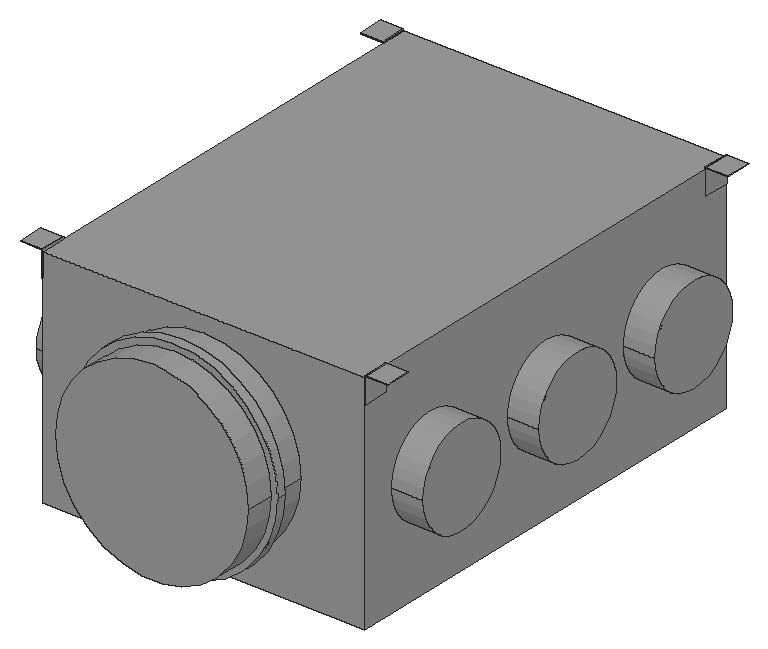
Revit family "FASU(F8-150 300Φ)", category ダクト付属品, Revit 2022
Family settings
  丸型コネクタ寸法 = 直径を使用
  パーツ タイプ = ダンパー
  OmniClass 番号 = 23.75.00.00
  OmniClass タイトル = Climate Control (HVAC)
  作業面ベース = いいえ
  常に垂直 = はい
  ロード時にボイドで切り取り = いいえ
  共有 = いいえ
Parameters
  高さ = 350 mm
  風量 = 0.0 L/s
  符号 = "FASU"
  形式 = "F8-150 300φ"
  幅 [instance] = 500 mm
  奥行き = 700 mm
  大きさ = 250 mm
  呼称 = "FASUチャンバー"
  付属品_下端レベル [instance] = 0 mm
  マテリアル [instance] = 既定値
  ダクト_イン = 300 mm
  ダクト_アウト = 150 mm
  既定の高さ = 0 mm
Reference planes
  plane 1 "中心(正面/背面)": y = 0
  plane 2: z = 0
  plane 3 "中心(左/右)": x = 0
  plane 4: x = -250
  plane 5: x = 250
  plane 6: y = -700
  plane 7: z = 350
  plane 8: z = 175
  plane 9: z = 266.963
  plane 10: z = 86.159
  plane 11: x = -251
  plane 12: z = 313.122
  plane 13: z = 352.122
  plane 14: y = -350
Forms (mm)
  Extrusion 1, solid, material "既定値" <- "マテリアル"
    sketch origin (0, 0, 0) x (1, 0, 0) y (0, 1, 0)
      loop
        line (-250, 0) -> (-250, -700) -> (250, -700) -> (250, 0) -> (-250, 0)
    from 0 to 350
  Extrusion 2, solid, material "既定値" <- "マテリアル"
    sketch origin (0, -30, 0) x (1, 0, 0) y (0, 1, 0)
      loop
        line (-250, 30) -> (-251, 30) -> (-251, -10) -> (-250, -10) -> (-250, 30)
    from 313.122 to 350
  Extrusion 3, solid, material "既定値" <- "マテリアル"
    sketch origin (0, -30, 0) x (1, 0, 0) y (0, 1, 0)
      loop
        line (-285, 30) -> (-285, -10) -> (-251, -10) -> (-251, 30) -> (-285, 30)
    from 352.122 to 350
  Extrusion 4, solid, material "既定値" <- "マテリアル"
    sketch origin (0, -30, 0) x (-1, 0, 0) y (0, -1, 0)
      loop
        line (-250, -30) -> (-250, 10) -> (-251, 10) -> (-251, -30) -> (-250, -30)
    from 313.122 to 353.122
  Extrusion 5, solid, material "既定値" <- "マテリアル"
    sketch origin (0, -30, 0) x (-1, 0, 0) y (0, -1, 0)
      loop
        line (-285, -30) -> (-251, -30) -> (-251, 10) -> (-285, 10) -> (-285, -30)
    from 352.122 to 353.122
  Extrusion 6, solid, material "既定値" <- "マテリアル"
    sketch origin (0, -490, 0) x (1, 0, 0) y (0, 1, 0)
      loop
        line (-285, -170) -> (-285, -210) -> (-251, -210) -> (-251, -170) -> (-285, -170)
    from 352.122 to 353.122
  Extrusion 7, solid, material "既定値" <- "マテリアル"
    sketch origin (0, -490, 0) x (1, 0, 0) y (0, 1, 0)
      loop
        line (-250, -170) -> (-251, -170) -> (-251, -210) -> (-250, -210) -> (-250, -170)
    from 313.122 to 353.122
  Extrusion 8, solid, material "既定値" <- "マテリアル"
    sketch origin (0, -490, 0) x (-1, 0, 0) y (0, -1, 0)
      loop
        line (-285, 170) -> (-251, 170) -> (-251, 210) -> (-285, 210) -> (-285, 170)
    from 352.122 to 353.122
  Extrusion 9, solid, material "既定値" <- "マテリアル"
    sketch origin (0, -490, 0) x (-1, 0, 0) y (0, -1, 0)
      loop
        line (-250, 170) -> (-250, 210) -> (-251, 210) -> (-251, 170) -> (-250, 170)
    from 313.122 to 353.122
  Extrusion 10, solid, material "既定値" <- "マテリアル"
    sketch origin (550, -582.5, 0) x (0, -1, 0) y (0, 0, -1)
      loop
        circle (-232.5, -175) r 74.985
    from -300 to -250
  Extrusion 11, solid, material "既定値" <- "マテリアル"
    sketch origin (-550, -582.5, 0) x (0, -1, 0) y (0, 0, 1)
      loop
        circle (-232.5, 175) r 74.985
    from -300 to -250
  Extrusion 12, solid, material "既定値" <- "マテリアル"
    sketch origin (0, -700, 0) x (1, 0, 0) y (0, 0, 1)
      loop
        circle (0, 175) r 150
    from 0 to 42.5
  Extrusion 13, solid, material "既定値" <- "マテリアル"
    sketch origin (0, -743, 0) x (1, 0, 0) y (0, 0, 1)
      loop
        circle (0, 175) r 160
    from -0.5 to 14.5
  Extrusion 14, solid, material "既定値" <- "マテリアル"
    sketch origin (0, -757.5, 0) x (1, 0, 0) y (0, 0, 1)
      loop
        circle (0, 175) r 150
    from 0 to 42.5
  Extrusion 15, solid, material "既定値" <- "マテリアル"
    sketch origin (550, -357.5, 0) x (0, -1, 0) y (0, 0, -1)
      loop
        circle (-232.5, -175) r 74.985
    from -300 to -250
  Extrusion 16, solid, material "既定値" <- "マテリアル"
    sketch origin (-550, -357.5, 0) x (0, -1, 0) y (0, 0, 1)
      loop
        circle (-232.5, 175) r 74.985
    from -300 to -250
  Extrusion 17, solid, material "既定値" <- "マテリアル"
    sketch origin (550, -142.5, 0) x (0, 1, 0) y (0, 0, 1)
      loop
        circle (-432.5, 175) r 74.985
    from -300 to -250
  Extrusion 18, solid, material "既定値" <- "マテリアル"
    sketch origin (0, -142.5, 0) x (0, 1, 0) y (0, 0, 1)
      loop
        circle (-432.5, 175) r 74.985
    from -300 to -250
  Extrusion 19, solid, material "既定値" <- "マテリアル"
    sketch origin (345.5, 300, 0) x (1, 0, 0) y (0, 0, -1)
      loop
        circle (-232.5, -175) r 74.985
    from -300 to -250
  Extrusion 20, solid, material "既定値" <- "マテリアル"
    sketch origin (-345.5, 300, 0) x (-1, 0, 0) y (0, 0, 1)
      loop
        circle (-232.5, 175) r 74.985
    from -300 to -250
Lines and regions (mm)
  model lines
    curve 1: line (-250, -30, 0) -> (250, -30, 0)
    curve 2: line (-250, -670, 0) -> (250, -670, 0)
Text (mm)
  text "FASU(F8-150 300Φ)" at (3.713, -630.412, 0), in view "参照レベル"
Dimensions and locks
  equal spacing: plane 4, plane 3 "中心(左/右)", plane 5
  "幅": plane 4 to plane 5
  "奥行き": plane 6 to plane 1 "中心(正面/背面)"
  "高さ": plane 7 to level
  equal spacing: plane 7, plane 8, level
  equal spacing: plane 6, plane 14, plane 1 "中心(正面/背面)"
  aligned and locked: level to plane 2
  aligned and locked: Extrusion 1 sketch curve to plane 5
  aligned and locked: plane 7 to Extrusion 1
  aligned and locked: Extrusion 2 sketch curve to Extrusion 1
  aligned and locked: plane 7 to Extrusion 2
  aligned and locked: Extrusion 3 sketch curve to Extrusion 2
  aligned and locked: Extrusion 2 to Extrusion 3 sketch curve
  aligned and locked: plane 7 to Extrusion 3
  aligned and locked: Extrusion 3 to plane 13
  aligned and locked: Extrusion 4 to Extrusion 5 sketch curve
  aligned and locked: Extrusion 5 sketch curve to Extrusion 4
  aligned and locked: Extrusion 1 to Extrusion 8
  aligned and locked: Extrusion 6 to Extrusion 1
  aligned and locked: Extrusion 7 to Extrusion 1
  aligned and locked: Extrusion 1 to Extrusion 9
  aligned and locked: Extrusion 9 to Extrusion 8
  aligned and locked: Extrusion 7 to Extrusion 6
  aligned and locked: plane 4 to Extrusion 7
  aligned and locked: Extrusion 9 to plane 5
  aligned and locked: plane 4 to curve 1
  aligned and locked: plane 5 to curve 1
  aligned and locked: plane 5 to curve 2
  aligned and locked: Extrusion 1 to Extrusion 3
  aligned and locked: Extrusion 5 to Extrusion 1
  aligned and locked: Extrusion 4 to plane 5
  aligned and locked: Extrusion 1 to plane 6
  aligned and locked: Extrusion 1 to plane 1 "中心(正面/背面)"
  aligned and locked: plane 6 to Extrusion 12
  aligned and locked: Extrusion 15 to plane 5
  aligned and locked: plane 4 to Extrusion 16
  aligned and locked: Extrusion 17 to plane 5
  aligned and locked: plane 4 to Extrusion 18
  aligned and locked: plane 1 "中心(正面/背面)" to Extrusion 19
  aligned and locked: plane 1 "中心(正面/背面)" to Extrusion 20
Automatic sketch dimensions
  curve 2 to plane 4 = 0 mm
  plane 6 to curve 2 = 30 mm
  plane 1 "中心(正面/背面)" to curve 1 = 30 mm
  Extrusion 1 sketch curve to plane 4 = 0 mm
  Extrusion 1 sketch curve to plane 6 = 0 mm
  plane 1 "中心(正面/背面)" to Extrusion 1 sketch curve = 0 mm
  plane 1 "中心(正面/背面)" to Extrusion 2 sketch curve = 0 mm
  Extrusion 2 sketch curve to plane 11 = 0 mm
  Extrusion 2 sketch curve to Extrusion 2 sketch curve = 40 mm
  plane 1 "中心(正面/背面)" to Extrusion 3 sketch curve = 0 mm
  Extrusion 3 sketch curve to Extrusion 3 sketch curve = 34 mm
  plane 1 "中心(正面/背面)" to Extrusion 4 sketch curve = 0 mm
  Extrusion 4 sketch curve to plane 5 = 0 mm
  Extrusion 4 sketch curve to Extrusion 4 sketch curve = 1 mm
  Extrusion 4 sketch curve to Extrusion 4 sketch curve = 40 mm
  plane 1 "中心(正面/背面)" to Extrusion 5 sketch curve = 0 mm
  Extrusion 5 sketch curve to Extrusion 5 sketch curve = 34 mm
  Extrusion 6 sketch curve to plane 6 = 0 mm
  Extrusion 6 sketch curve to plane 11 = 0 mm
  Extrusion 6 sketch curve to plane 11 = 34 mm
  plane 6 to Extrusion 6 sketch curve = 40 mm
  Extrusion 7 sketch curve to plane 11 = 0 mm
  Extrusion 7 sketch curve to plane 4 = 0 mm
  Extrusion 7 sketch curve to plane 6 = 0 mm
  plane 6 to Extrusion 7 sketch curve = 40 mm
  Extrusion 8 sketch curve to plane 6 = 0 mm
  Extrusion 8 sketch curve to plane 5 = 35 mm
  Extrusion 8 sketch curve to plane 5 = 1 mm
  Extrusion 8 sketch curve to Extrusion 8 sketch curve = 40 mm
  Extrusion 9 sketch curve to plane 6 = 0 mm
  Extrusion 9 sketch curve to plane 5 = 0 mm
  Extrusion 9 sketch curve to Extrusion 9 sketch curve = 1 mm
  Extrusion 9 sketch curve to Extrusion 9 sketch curve = 40 mm
  Extrusion 10 sketch curve to plane 8 = 0 mm
  Extrusion 10 sketch curve to plane 14 = 0 mm
  Extrusion 11 sketch curve to plane 8 = 0 mm
  Extrusion 11 sketch curve to plane 14 = 0 mm
  Extrusion 12 sketch curve to plane 3 "中心(左/右)" = 0 mm
  Extrusion 12 sketch curve to plane 8 = 0 mm
  Extrusion 13 sketch curve to plane 3 "中心(左/右)" = 0 mm
  Extrusion 13 sketch curve to plane 8 = 0 mm
  Extrusion 14 sketch curve to plane 3 "中心(左/右)" = 0 mm
  Extrusion 14 sketch curve to plane 8 = 0 mm
  Extrusion 15 sketch curve to plane 8 = 0 mm
  plane 1 "中心(正面/背面)" to Extrusion 15 sketch curve = 125 mm
  Extrusion 16 sketch curve to plane 8 = 0 mm
  plane 1 "中心(正面/背面)" to Extrusion 16 sketch curve = 125 mm
  Extrusion 17 sketch curve to plane 8 = 0 mm
  plane 6 to Extrusion 17 sketch curve = 125 mm
  Extrusion 18 sketch curve to plane 8 = 0 mm
  plane 6 to Extrusion 18 sketch curve = 125 mm
  Extrusion 19 sketch curve to plane 8 = 0 mm
  plane 3 "中心(左/右)" to Extrusion 19 sketch curve = 113 mm
  Extrusion 20 sketch curve to plane 8 = 0 mm
  Extrusion 20 sketch curve to plane 3 "中心(左/右)" = 113 mm
  radius of Extrusion 10 sketch curve = 74.985 mm
  radius of Extrusion 11 sketch curve = 74.985 mm
  radius of Extrusion 12 sketch curve = 150 mm
  radius of Extrusion 13 sketch curve = 160 mm
  radius of Extrusion 14 sketch curve = 150 mm
  radius of Extrusion 15 sketch curve = 74.985 mm
  radius of Extrusion 16 sketch curve = 74.985 mm
  radius of Extrusion 17 sketch curve = 74.985 mm
  radius of Extrusion 18 sketch curve = 74.985 mm
  radius of Extrusion 19 sketch curve = 74.985 mm
  radius of Extrusion 20 sketch curve = 74.985 mm
Connectors
  hvac at (-300, -575, 175), driven by "ダクト_アウト"
    settings: on Extrusion 18, index 1, duct flow 0.0 L/s, flow factor 0, pres drop 0.0 Pa, loss coef 0, conn angle 0.00°, conn width 304.8 mm, conn height 304.8 mm, conn diameter 150 mm, duct sys type 29, conn prof type 0, flow config 0, flow direction 2, loss method 0, conn ref index -1, conn util no, is conn primary yes, conn desc ""
  hvac at (-300, -350, 175), driven by "ダクト_アウト"
    settings: on Extrusion 11, index 2, duct flow 0.0 L/s, flow factor 0, pres drop 0.0 Pa, loss coef 0, conn angle 0.00°, conn width 304.8 mm, conn height 304.8 mm, conn diameter 150 mm, duct sys type 29, conn prof type 0, flow config 0, flow direction 2, loss method 0, conn ref index -1, conn util no, is conn primary no, conn desc ""
  hvac at (-300, -125, 175), driven by "ダクト_アウト"
    settings: on Extrusion 16, index 3, duct flow 0.0 L/s, flow factor 0, pres drop 0.0 Pa, loss coef 0, conn angle 0.00°, conn width 304.8 mm, conn height 304.8 mm, conn diameter 150 mm, duct sys type 29, conn prof type 0, flow config 0, flow direction 2, loss method 0, conn ref index -1, conn util no, is conn primary no, conn desc ""
  hvac at (-113, 50, 175), driven by "ダクト_アウト"
    settings: on Extrusion 20, index 4, duct flow 0.0 L/s, flow factor 0, pres drop 0.0 Pa, loss coef 0, conn angle 0.00°, conn width 304.8 mm, conn height 304.8 mm, conn diameter 150 mm, duct sys type 29, conn prof type 0, flow config 0, flow direction 2, loss method 0, conn ref index -1, conn util no, is conn primary no, conn desc ""
  hvac at (113, 50, 175), driven by "ダクト_アウト"
    settings: on Extrusion 19, index 5, duct flow 0.0 L/s, flow factor 0, pres drop 0.0 Pa, loss coef 0, conn angle 0.00°, conn width 304.8 mm, conn height 304.8 mm, conn diameter 150 mm, duct sys type 29, conn prof type 0, flow config 0, flow direction 2, loss method 0, conn ref index -1, conn util no, is conn primary no, conn desc ""
  hvac at (300, -125, 175), driven by "ダクト_アウト"
    settings: on Extrusion 15, index 6, duct flow 0.0 L/s, flow factor 0, pres drop 0.0 Pa, loss coef 0, conn angle 0.00°, conn width 304.8 mm, conn height 304.8 mm, conn diameter 150 mm, duct sys type 29, conn prof type 0, flow config 0, flow direction 2, loss method 0, conn ref index -1, conn util no, is conn primary no, conn desc ""
  hvac at (300, -350, 175), driven by "ダクト_アウト"
    settings: on Extrusion 10, index 7, duct flow 0.0 L/s, flow factor 0, pres drop 0.0 Pa, loss coef 0, conn angle 0.00°, conn width 304.8 mm, conn height 304.8 mm, conn diameter 150 mm, duct sys type 29, conn prof type 0, flow config 0, flow direction 2, loss method 0, conn ref index -1, conn util no, is conn primary no, conn desc ""
  hvac at (300, -575, 175), driven by "ダクト_アウト"
    settings: on Extrusion 17, index 8, duct flow 0.0 L/s, flow factor 0, pres drop 0.0 Pa, loss coef 0, conn angle 0.00°, conn width 304.8 mm, conn height 304.8 mm, conn diameter 150 mm, duct sys type 29, conn prof type 0, flow config 0, flow direction 2, loss method 0, conn ref index -1, conn util no, is conn primary no, conn desc ""
  hvac at (0, -800, 175), driven by "ダクト_イン"
    settings: on Extrusion 14, index 9, duct flow 0.0 L/s, flow factor 0, pres drop 0.0 Pa, loss coef 0, conn angle 0.00°, conn width 304.8 mm, conn height 304.8 mm, conn diameter 300 mm, duct sys type 29, conn prof type 0, flow config 0, flow direction 1, loss method 0, conn ref index -1, conn util no, is conn primary no, conn desc ""
